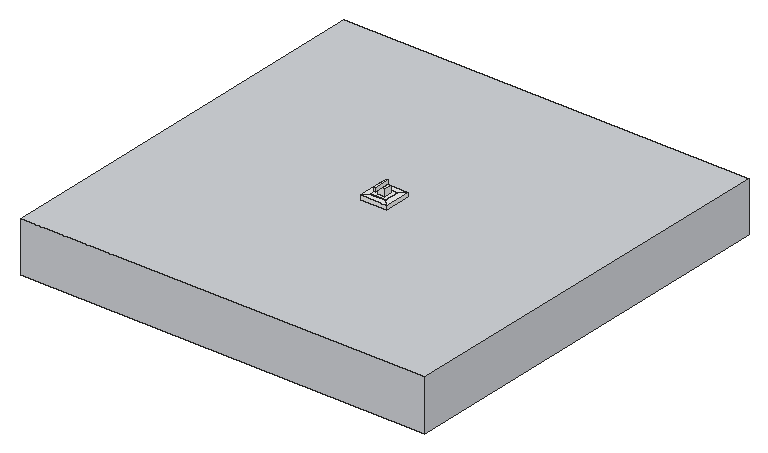
Revit family
Parameters (values of type "Chrome-Polished_Chrome-CP")
  Width = 0' - 6 1/4"
  WFU = 0
  URL = "http://www.us.kohler.com/onlinecatalog/detail.jsp?prod_num=T14671-4"
  Product Page URL = "n/a"
  Product Documentation Link = "n/a"
  Model = "K-T14671-4"  # constant formula
  Manufacturer = "Kohler"  # constant formula
  Length = 0' - 3 21/32"
  Hot Water Radius = 3/16"
  Hot Water Diameter = Hot Water Radius * 2  # 3/8"
  Hot Water Connector = "Hot Water Connection"  # constant formula
  Height = 0' - 6 1/4"
  HWFU = 0
  HW Connection = yes
  Finish = Chrome-Kohler-CP-Polished_Chrome
  Description = "Loure™ Rite-Temp® valve trim without diverter"  # constant formula
  Default Elevation = 0' - 0"
  Created By = "http://medialab3dstudio.com/"
  Cold Water Radius = 3/16"
  Cold Water Diameter = Cold Water Radius * 2  # 3/8"
  Cold Water Connector = "Cold Water Connection"  # constant formula
  CWFU = 0
  CW Connection = yes
  Assembly Code = "D2010"
  Actual Valve Water Flow = 0 GPM
Types (4): name | Finish
  (no name) | Chrome-Kohler-CP-Polished_Chrome
  Chrome-Polished_Chrome-CP | Chrome-Kohler-CP-Polished_Chrome
  Nickel-Vibrant_Brushed_Nickel-BN | Nickel-Kohler-BN-Vibrant_Brushed_Nickel
  Nickel-Vibrant_Polished_Nickel-SN | Nickel-Kohler-SN-Vibrant_Polished_Nickel
Reference planes (in)
  plane 1 "Center (Front/Back)": y = 0
  plane 2 "Back": z = 0
  plane 3 "Center (Left/Right)": x = 0
  plane 4 "Top": y = 3.125
  plane 5 "Bottom": y = -3.125
  plane 6 "Left": x = -3.125
  plane 7 "Right": x = 3.125
  plane 8: z = 1
  plane 9: z = 1.03125
  plane 10: x = -1.65625
  plane 11: x = 1.65625
  plane 12: y = -1.65625
  plane 13: y = 1.65625
  plane 14: y = 1.73437
  plane 15: x = -1.73437
  plane 16: y = -1.73438
  plane 17: x = 1.73438
  plane 18: z = 1.09375
  plane 19: y = 0.79687
  plane 20: y = -0.79688
  plane 21: x = 0.79688
  plane 22: x = -0.79687
  plane 23: z = 2.75
  plane 24: z = 2.78125
  plane 25: y = 0.79687
  plane 26: y = -2.73438
  plane 27: x = -0.21875
  plane 28: x = 0.21875
  plane 29 "Front": z = 3.65625
  plane 30: y = -1.25
  plane 31: z = 1.3125
  plane 32 "Pull Knob Center": y = -2.3125
  plane 33: x = 0.3125
  plane 34: x = -0.3125
  plane 35: z = 0.25
Forms (in)
  Extrusion 1, solid
    sketch origin (0, 0, 0) x (1, 0, 0) y (0, 1, 0)
      loop
        line (-48, 48) -> (-48, -48) -> (48, -48) -> (48, 48) -> (-48, 48)
    from 0 to -12
  Extrusion 2, solid, material "Chrome-Kohler-CP-Polished_Chrome" <- "Finish"
    sketch origin (0, 0, 0) x (1, 0, 0) y (0, 1, 0)
      loop
        line (-3.125, 3.125) -> (-3.125, -3.125) -> (3.125, -3.125) -> (3.125, 3.125) -> (-3.125, 3.125)
    from 0 to 1
  Extrusion 3, solid, material "Chrome-Kohler-CP-Polished_Chrome" <- "Finish"
    sketch origin (0, 0, 0) x (1, 0, 0) y (0, 1, 0)
      loop
        line (-1.73437, 1.73437) -> (-1.73437, -1.73438) -> (1.73438, -1.73438) -> (1.73438, 1.73437) -> (-1.73437, 1.73437)
    from 1 to 1.09375
  Extrusion 4, solid, material "Chrome-Kohler-CP-Polished_Chrome" <- "Finish"
    sketch origin (0, 0, 0) x (1, 0, 0) y (0, 1, 0)
      loop
        line (-0.79687, 0.79687) -> (-0.79687, -0.79688) -> (0.79688, -0.79688) -> (0.79688, 0.79687) -> (-0.79687, 0.79687)
    from 1.09375 to 2.75
  Blend 5, solid, material "Chrome-Kohler-CP-Polished_Chrome" <- "Finish"
    base sketch origin (0, 0, 0) x (1, 0, 0) y (0, 1, 0)
      loop
        line (-3.125, 3.125) -> (-3.125, -3.125) -> (3.125, -3.125) -> (3.125, 3.125) -> (-3.125, 3.125)
    top sketch origin (0, 0, 0) x (1, 0, 0) y (0, 1, 0)
      loop
        line (-1.65625, 1.65625) -> (-1.65625, -1.65625) -> (1.65625, -1.65625) -> (1.65625, 1.65625) -> (-1.65625, 1.65625)
    from 1 to 1.03125
  Extrusion 6, solid, material "Chrome-Kohler-CP-Polished_Chrome" <- "Finish"
    sketch origin (0, 0, 0) x (1, 0, 0) y (0, 1, 0)
      loop
        arc (-0.1875, 0) -> (-0.13258, -0.13258) -> (0, -0.1875) r 0.1875
        arc (0, -0.1875) -> (0.13258, -0.13258) -> (0.1875, 0) r 0.1875
        arc (0.1875, 0) -> (0.13258, 0.13258) -> (0, 0.1875) r 0.1875
        arc (0, 0.1875) -> (-0.13258, 0.13258) -> (-0.1875, 0) r 0.1875
    from 2.75 to 2.78125
  Extrusion 7, solid, material "Chrome-Kohler-CP-Polished_Chrome" <- "Finish"
    sketch origin (0, 0, 0) x (1, 0, 0) y (0, 1, 0)
      loop
        line (-0.21875, 0.79687) -> (-0.21875, -2.73438) -> (0.21875, -2.73438) -> (0.21875, 0.79687) -> (-0.21875, 0.79687)
    from 2.78125 to 3.65625
  Extrusion 8, void
    sketch origin (0, 0, 0) x (1, 0, 0) y (0, 1, 0)
      loop
        arc (0.125, 0) -> (0.17992, -0.13258) -> (0.3125, -0.1875) r 0.1875
        arc (0.3125, -0.1875) -> (0.44508, -0.13258) -> (0.5, 0) r 0.1875
        arc (0.5, 0) -> (0.44508, 0.13258) -> (0.3125, 0.1875) r 0.1875
        arc (0.3125, 0.1875) -> (0.17992, 0.13258) -> (0.125, 0) r 0.1875
      loop
        arc (-0.3125, 0.1875) -> (-0.44508, 0.13258) -> (-0.5, 0) r 0.1875
        arc (-0.5, 0) -> (-0.44508, -0.13258) -> (-0.3125, -0.1875) r 0.1875
        arc (-0.3125, -0.1875) -> (-0.17992, -0.13258) -> (-0.125, 0) r 0.1875
        arc (-0.125, 0) -> (-0.17992, 0.13258) -> (-0.3125, 0.1875) r 0.1875
    from 0 to 0.25
Cuts and joins
  Extrusion 8 cuts Extrusion 2
  joined: Extrusion 2, Extrusion 3, Extrusion 4, Blend 5, Extrusion 6, Extrusion 7
Lines and regions (in)
  Masking region 1
    outline origin (0, 0, 0) x (1, 0, 0) y (0, 1, 0)
      loop
        line (-3.125, 3.125) -> (-3.125, -3.125) -> (3.125, -3.125) -> (3.125, 3.125) -> (-3.125, 3.125)
  Masking region 2, detail levels coarse
    outline origin (0, 0, 0) x (1, 0, 0) y (0, 0, 1)
      loop
        line (-3.125, 3.65625) -> (-3.125, 0) -> (3.125, 0) -> (3.125, 3.65625) -> (-3.125, 3.65625)
  Masking region 3, detail levels coarse
    outline origin (0, 0, 0) x (0, 1, 0) y (0, 0, 1)
      loop
        line (3.125, 3.65625) -> (-3.125, 3.65625) -> (-3.125, 0) -> (3.125, 0) -> (3.125, 3.65625)
  Masking region 4, detail levels medium
    outline origin (0, 0, 0) x (1, 0, 0) y (0, 1, 0)
      loop
        line (1.73438, 1.73437) -> (-1.73437, 1.73437) -> (-1.73437, -1.73438) -> (0.21875, -1.73438) -> (1.73438, -1.73438) -> (1.73438, 1.73437)
  Masking region 5, detail levels medium+fine
    outline origin (0, 0, 0) x (1, 0, 0) y (0, 0, 1)
      loop
        line (-3.125, 0) -> (3.125, 0) -> (3.125, 1) -> (1.73438, 1.02959) -> (1.73438, 1.09375) -> (0.79688, 1.09375) -> (0.79688, 2.75) -> (0.1875, 2.75) -> (0.1875, 2.78125) -> (0.21875, 2.78125) -> (0.21875, 3.65625) -> (-0.21875, 3.65625) -> (-0.21875, 2.78125) -> (-0.1875, 2.78125) -> (-0.1875, 2.75) -> (-0.79687, 2.75) -> (-0.79687, 1.09375) -> (-1.73437, 1.09375) -> (-1.73437, 1.02959) -> (-3.125, 1) -> (-3.125, 0)
  Masking region 6, detail levels medium+fine
    outline origin (0, 0, 0) x (0, 1, 0) y (0, 0, 1)
      loop
        line (3.125, 0) -> (3.125, 1) -> (1.73437, 1.02959) -> (1.73437, 1.09375) -> (0.79687, 1.09375) -> (0.79687, 2.75) -> (0.1875, 2.75) -> (0.1875, 2.78125) -> (0.79687, 2.78125) -> (0.79687, 3.65625) -> (-2.73438, 3.65625) -> (-2.73438, 2.78125) -> (-0.1875, 2.78125) -> (-0.1875, 2.75) -> (-0.79688, 2.75) -> (-0.79688, 1.09375) -> (-1.1875, 1.09375) -> (-1.1875, 1.3125) -> (-1.3125, 1.3125) -> (-1.3125, 1.09375) -> (-1.73438, 1.09375) -> (-1.73438, 1.02959) -> (-2.03126, 1.02327) -> (-3.125, 1) -> (-3.125, 0) -> (3.125, 0)
  symbolic lines, style "Masking Lines", detail levels fine
    curve 1: line (-0.21875, 0.79687, 0) -> (-0.21875, -2.73438, 0)
    curve 2: line (0.21875, -2.73438, 0) -> (0.21875, 0.79687, 0)
    curve 3: line (-0.21875, -2.73438, 0) -> (0.21875, -2.73438, 0)
    curve 4: line (-0.79687, -0.79688, 0) -> (-0.21875, -0.79688, 0)
    curve 5: line (-0.79687, 0.79687, 0) -> (-0.79687, -0.79688, 0)
    curve 6: line (0.79688, 0.79687, 0) -> (-0.79687, 0.79687, 0)
    curve 7: line (0.79688, -0.79688, 0) -> (0.79688, 0.79687, 0)
    curve 8: line (0.21875, -0.79688, 0) -> (0.79688, -0.79688, 0)
    curve 9: line (3.125, -3.125, 0) -> (1.73438, -1.73438, 0)
    curve 10: line (1.73438, 1.73437, 0) -> (3.125, 3.125, 0)
    curve 11: line (-3.125, 3.125, 0) -> (-1.73437, 1.73437, 0)
    curve 12: line (-3.125, -3.125, 0) -> (-1.73437, -1.73438, 0)
    curve 13: line (-0.1875, 0, 2.78125) -> (0.1875, 0, 2.78125)
    curve 14: line (0.1875, 0, 2.75) -> (-0.1875, 0, 2.75)
    curve 15: line (-0.28124, 0, 1.09375) -> (-0.79687, 0, 1.09375)
    curve 16: line (0.79688, 0, 1.09375) -> (0.28124, 0, 1.09375)
    curve 17: line (-0.28124, 0, 1.02959) -> (-1.73437, 0, 1.02959)
    curve 18: line (3.125, 0, 1) -> (-3.125, 0, 1)
    curve 19: line (1.73438, 0, 1.02959) -> (0.28124, 0, 1.02959)
    curve 20: line (0.28124, 0, 1.02959) -> (-0.28124, 0, 1.02959)
    curve 21: line (0, -0.1875, 2.78125) -> (0, 0.1875, 2.78125)
    curve 22: line (0, 0.1875, 2.75) -> (0, -0.1875, 2.75)
    curve 23: line (0, 0.79687, 1.09375) -> (0, -0.79688, 1.09375)
    curve 24: line (0, -1.1875, 1.09375) -> (0, -1.3125, 1.09375)
    curve 25: line (0, -1.73438, 1.02959) -> (0, 1.73437, 1.02959)
    curve 26: line (0, -3.125, 1) -> (0, 3.125, 1)
    curve 27: line (0.28124, 0, 1.09375) -> (-0.28124, 0, 1.09375)
    curve 28: line (0.0625, -3.125, 1.3125) -> (-0.0625, -3.125, 1.3125)
    curve 29: line (0.0625, -3.125, 1.09375) -> (0.0625, -3.125, 1.3125)
    curve 30: line (-0.0625, -3.125, 1.09375) -> (-0.0625, -3.125, 1.3125)
    curve 31: line (-1.73437, -1.73438, 0) -> (-0.21875, -1.73438, 0)
    curve 32: line (-1.73437, 1.73437, 0) -> (-1.73437, -1.73438, 0)
    curve 33: line (1.73438, 1.73437, 0) -> (-1.73437, 1.73437, 0)
    curve 34: line (1.73438, -1.73438, 0) -> (1.73438, 1.73437, 0)
    curve 35: line (0.21875, -1.73438, 0) -> (1.73438, -1.73438, 0)
Dimensions and locks (in)
  plane 10 to plane 3 "Center (Left/Right)" to plane 11 = 0' - 1 21/32" locked, 0' - 1 21/32" locked
  plane 13 to plane 1 "Center (Front/Back)" to plane 12 = 0' - 1 21/32" locked, 0' - 1 21/32" locked
  plane 15 to plane 3 "Center (Left/Right)" to plane 17 = 0' - 1 47/64" locked, 0' - 1 47/64" locked
  plane 14 to plane 1 "Center (Front/Back)" to plane 16 = 0' - 1 47/64" locked, 0' - 1 47/64" locked
  plane 25 to plane 1 "Center (Front/Back)" to plane 26 = 0' - 0 51/64" locked, 0' - 2 47/64" locked
  plane 27 to plane 3 "Center (Left/Right)" to plane 28 = 0' - 0 7/32" locked, 0' - 0 7/32" locked
  equal spacing: plane 6 "Left", plane 3 "Center (Left/Right)", plane 7 "Right"
  "Width": plane 6 "Left" to plane 7 "Right"
  equal spacing: plane 4 "Top", plane 1 "Center (Front/Back)", plane 5 "Bottom"
  "Height": plane 4 "Top" to plane 5 "Bottom"
  "Length": plane 29 "Front" to plane 2 "Back"
  locked: plane 8 to plane 2 "Back" at 1
  locked: plane 9 to plane 2 "Back" at 1.03125
  locked: plane 18 to plane 2 "Back" at 1.09375
  locked: plane 31 to plane 2 "Back" at 1.3125
  locked: plane 23 to plane 2 "Back" at 2.75
  locked: plane 24 to plane 2 "Back" at 2.78125
  locked: plane 4 "Top" to plane 1 "Center (Front/Back)" at 3.125
  plane 1 "Center (Front/Back)" to plane 30 to plane 32 "Pull Knob Center" to plane 5 "Bottom" = 0' - 1 1/4", 0' - 1 1/16", 0' - 0 13/16"
  equal spacing: plane 34, plane 3 "Center (Left/Right)", plane 33, locked at 0.3125 each
  "Cold Water Radius": radius of Extrusion 8 sketch curve
  "Hot Water Radius": radius of Extrusion 8 sketch curve
  aligned and locked: plane 2 "Back" to Extrusion 1
  aligned and locked: level to Extrusion 1
  aligned and locked: Extrusion 2 sketch curve to plane 4 "Top"
  aligned and locked: Extrusion 2 sketch curve to plane 7 "Right"
  aligned and locked: plane 5 "Bottom" to Extrusion 2 sketch curve
  aligned and locked: Extrusion 2 sketch curve to plane 6 "Left"
  aligned and locked: plane 8 to Extrusion 2
  aligned and locked: Blend 5 sketch curve to plane 4 "Top"
  aligned and locked: Blend 5 sketch curve to plane 7 "Right"
  aligned and locked: plane 5 "Bottom" to Blend 5 sketch curve
  aligned and locked: Blend 5 sketch curve to plane 6 "Left"
  aligned and locked: Blend 5 sketch curve to plane 13
  aligned and locked: plane 11 to Blend 5 sketch curve
  aligned and locked: plane 12 to Blend 5 sketch curve
  aligned and locked: plane 10 to Blend 5 sketch curve
  aligned and locked: Blend 5 to plane 8
  aligned and locked: plane 9 to Blend 5
  aligned and locked: plane 14 to Extrusion 3 sketch curve
  aligned and locked: plane 15 to Extrusion 3 sketch curve
  aligned and locked: plane 16 to Extrusion 3 sketch curve
  aligned and locked: plane 17 to Extrusion 3 sketch curve
  aligned and locked: plane 18 to Extrusion 3
  aligned and locked: plane 19 to Extrusion 4 sketch curve
  aligned and locked: plane 20 to Extrusion 4 sketch curve
  aligned and locked: plane 21 to Extrusion 4 sketch curve
  aligned and locked: plane 22 to Extrusion 4 sketch curve
  aligned and locked: Extrusion 4 to plane 18
  aligned and locked: plane 23 to Extrusion 4
  aligned and locked: plane 3 "Center (Left/Right)" to Extrusion 6 sketch curve  (x2)
  aligned and locked: plane 1 "Center (Front/Back)" to Extrusion 6 sketch curve  (x2)
  aligned and locked: Extrusion 6 to plane 23
  aligned and locked: plane 24 to Extrusion 6
  aligned and locked: plane 25 to Extrusion 4
  aligned and locked: plane 25 to Extrusion 7 sketch curve
  aligned and locked: Extrusion 7 sketch curve to plane 28
  aligned and locked: plane 26 to Extrusion 7 sketch curve
  aligned and locked: plane 27 to Extrusion 7 sketch curve
  aligned and locked: Extrusion 7 to plane 24
  aligned and locked: plane 29 "Front" to Extrusion 7
  aligned and locked: Extrusion 3 to plane 8
  aligned and locked: Masking region 1 sketch curve to plane 4 "Top"
  aligned and locked: Masking region 1 sketch curve to plane 7 "Right"
  aligned and locked: plane 5 "Bottom" to Masking region 1 sketch curve
  aligned and locked: Masking region 1 sketch curve to plane 6 "Left"
  aligned and locked: Masking region 2 sketch curve to plane 29 "Front"
  aligned and locked: Masking region 2 sketch curve to plane 7 "Right"
  aligned and locked: plane 2 "Back" to Masking region 2 sketch curve
  aligned and locked: Masking region 2 sketch curve to plane 6 "Left"
  aligned and locked: Masking region 3 sketch curve to plane 29 "Front"
  aligned and locked: plane 5 "Bottom" to Masking region 3 sketch curve
  aligned and locked: plane 2 "Back" to Masking region 3 sketch curve
  aligned and locked: Masking region 3 sketch curve to plane 4 "Top"
  aligned and locked: Masking region 4 sketch curve to cut or joined group of Extrusion 2, Extrusion 3, Extrusion 4, Blend 5, Extrusion 6, Extrusion 7, Extrusion 8  (x4)
  aligned and locked: cut or joined group of Extrusion 2, Extrusion 3, Extrusion 4, Blend 5, Extrusion 6, Extrusion 7, Extrusion 8 to Masking region 4 sketch curve
  aligned and locked: Masking region 5 sketch curve to cut or joined group of Extrusion 2, Extrusion 3, Extrusion 4, Blend 5, Extrusion 6, Extrusion 7, Extrusion 8  (x15)
  aligned and locked: cut or joined group of Extrusion 2, Extrusion 3, Extrusion 4, Blend 5, Extrusion 6, Extrusion 7, Extrusion 8 to Masking region 5 sketch curve  (x3)
  aligned and locked: Masking region 6 sketch curve to cut or joined group of Extrusion 2, Extrusion 3, Extrusion 4, Blend 5, Extrusion 6, Extrusion 7, Extrusion 8  (x15)
  aligned and locked: cut or joined group of Extrusion 2, Extrusion 3, Extrusion 4, Blend 5, Extrusion 6, Extrusion 7, Extrusion 8 to Masking region 6 sketch curve  (x5)
  aligned and locked: curve 1 to cut or joined group of Extrusion 2, Extrusion 3, Extrusion 4, Blend 5, Extrusion 6, Extrusion 7, Extrusion 8
  aligned and locked: curve 2 to cut or joined group of Extrusion 2, Extrusion 3, Extrusion 4, Blend 5, Extrusion 6, Extrusion 7, Extrusion 8
  aligned and locked: curve 3 to cut or joined group of Extrusion 2, Extrusion 3, Extrusion 4, Blend 5, Extrusion 6, Extrusion 7, Extrusion 8
  aligned and locked: curve 4 to cut or joined group of Extrusion 2, Extrusion 3, Extrusion 4, Blend 5, Extrusion 6, Extrusion 7, Extrusion 8
  aligned and locked: curve 5 to cut or joined group of Extrusion 2, Extrusion 3, Extrusion 4, Blend 5, Extrusion 6, Extrusion 7, Extrusion 8
  aligned and locked: curve 6 to cut or joined group of Extrusion 2, Extrusion 3, Extrusion 4, Blend 5, Extrusion 6, Extrusion 7, Extrusion 8
  aligned and locked: curve 7 to cut or joined group of Extrusion 2, Extrusion 3, Extrusion 4, Blend 5, Extrusion 6, Extrusion 7, Extrusion 8
  aligned and locked: cut or joined group of Extrusion 2, Extrusion 3, Extrusion 4, Blend 5, Extrusion 6, Extrusion 7, Extrusion 8 to curve 8
  aligned and locked: curve 9 to cut or joined group of Extrusion 2, Extrusion 3, Extrusion 4, Blend 5, Extrusion 6, Extrusion 7, Extrusion 8
  aligned and locked: curve 10 to cut or joined group of Extrusion 2, Extrusion 3, Extrusion 4, Blend 5, Extrusion 6, Extrusion 7, Extrusion 8
  aligned and locked: curve 11 to cut or joined group of Extrusion 2, Extrusion 3, Extrusion 4, Blend 5, Extrusion 6, Extrusion 7, Extrusion 8
  aligned and locked: curve 12 to cut or joined group of Extrusion 2, Extrusion 3, Extrusion 4, Blend 5, Extrusion 6, Extrusion 7, Extrusion 8
  aligned and locked: cut or joined group of Extrusion 2, Extrusion 3, Extrusion 4, Blend 5, Extrusion 6, Extrusion 7, Extrusion 8 to curve 13
  aligned and locked: cut or joined group of Extrusion 2, Extrusion 3, Extrusion 4, Blend 5, Extrusion 6, Extrusion 7, Extrusion 8 to curve 14
  aligned and locked: cut or joined group of Extrusion 2, Extrusion 3, Extrusion 4, Blend 5, Extrusion 6, Extrusion 7, Extrusion 8 to curve 15
  aligned and locked: cut or joined group of Extrusion 2, Extrusion 3, Extrusion 4, Blend 5, Extrusion 6, Extrusion 7, Extrusion 8 to curve 16
  aligned and locked: cut or joined group of Extrusion 2, Extrusion 3, Extrusion 4, Blend 5, Extrusion 6, Extrusion 7, Extrusion 8 to curve 17
  aligned and locked: curve 18 to cut or joined group of Extrusion 2, Extrusion 3, Extrusion 4, Blend 5, Extrusion 6, Extrusion 7, Extrusion 8
  aligned and locked: curve 19 to cut or joined group of Extrusion 2, Extrusion 3, Extrusion 4, Blend 5, Extrusion 6, Extrusion 7, Extrusion 8
  aligned and locked: cut or joined group of Extrusion 2, Extrusion 3, Extrusion 4, Blend 5, Extrusion 6, Extrusion 7, Extrusion 8 to curve 20
  aligned and locked: cut or joined group of Extrusion 2, Extrusion 3, Extrusion 4, Blend 5, Extrusion 6, Extrusion 7, Extrusion 8 to curve 21
  aligned and locked: cut or joined group of Extrusion 2, Extrusion 3, Extrusion 4, Blend 5, Extrusion 6, Extrusion 7, Extrusion 8 to curve 22
  aligned and locked: cut or joined group of Extrusion 2, Extrusion 3, Extrusion 4, Blend 5, Extrusion 6, Extrusion 7, Extrusion 8 to curve 23
  aligned and locked: cut or joined group of Extrusion 2, Extrusion 3, Extrusion 4, Blend 5, Extrusion 6, Extrusion 7, Extrusion 8 to curve 24
  aligned and locked: curve 25 to cut or joined group of Extrusion 2, Extrusion 3, Extrusion 4, Blend 5, Extrusion 6, Extrusion 7, Extrusion 8
  aligned and locked: curve 26 to cut or joined group of Extrusion 2, Extrusion 3, Extrusion 4, Blend 5, Extrusion 6, Extrusion 7, Extrusion 8
  aligned and locked: cut or joined group of Extrusion 2, Extrusion 3, Extrusion 4, Blend 5, Extrusion 6, Extrusion 7, Extrusion 8 to curve 27
  aligned and locked: plane 33 to Extrusion 8 sketch curve  (x2)
  aligned and locked: plane 1 "Center (Front/Back)" to Extrusion 8 sketch curve  (x4)
  aligned and locked: plane 34 to Extrusion 8 sketch curve  (x2)
  aligned and locked: Extrusion 8 to plane 2 "Back"
  aligned and locked: plane 35 to Extrusion 8
  aligned and locked: curve 31 to cut or joined group of Extrusion 2, Extrusion 3, Extrusion 4, Blend 5, Extrusion 6, Extrusion 7, Extrusion 8
  aligned and locked: curve 32 to cut or joined group of Extrusion 2, Extrusion 3, Extrusion 4, Blend 5, Extrusion 6, Extrusion 7, Extrusion 8
  aligned and locked: curve 33 to cut or joined group of Extrusion 2, Extrusion 3, Extrusion 4, Blend 5, Extrusion 6, Extrusion 7, Extrusion 8
  aligned and locked: curve 34 to cut or joined group of Extrusion 2, Extrusion 3, Extrusion 4, Blend 5, Extrusion 6, Extrusion 7, Extrusion 8
Automatic sketch dimensions
  curve 26 to plane 5 "Bottom" = 0' - 0"
  curve 26 to plane 4 "Top" = 0' - 0"
  curve 25 to plane 30 = 0' - 0 31/64"
  curve 24 to plane 30 = 0' - 0 1/16"
  plane 30 to curve 24 = 0' - 0 1/16"
  curve 24 to curve 23 = 0' - 0 25/64"
  plane 1 "Center (Front/Back)" to curve 22 = 0' - 0 3/16"
  curve 21 to curve 22 = 0' - 0"  (x2)
  curve 22 to plane 1 "Center (Front/Back)" = 0' - 0 3/16"
  curve 23 to plane 1 "Center (Front/Back)" = 0' - 0 51/64"
  curve 23 to curve 25 = 0' - 0 15/16"
  plane 6 "Left" to curve 18 = 0' - 0"
  curve 18 to plane 7 "Right" = 0' - 0"
  curve 17 to plane 6 "Left" = 0' - 1 25/64"
  curve 15 to plane 3 "Center (Left/Right)" = 0' - 0 51/64"
  curve 15 to plane 3 "Center (Left/Right)" = 0' - 0 9/32"
  curve 15 to curve 17 = 0' - 0"
  curve 13 to plane 3 "Center (Left/Right)" = 0' - 0 3/16"
  curve 13 to curve 14 = 0' - 0"  (x2)
  plane 3 "Center (Left/Right)" to curve 13 = 0' - 0 3/16"
  plane 3 "Center (Left/Right)" to curve 16 = 0' - 0 9/32"
  curve 16 to curve 19 = 0' - 0"
  curve 16 to curve 16 = 0' - 0 33/64"
  curve 16 to curve 19 = 0' - 0 15/16"
  Extrusion 1 sketch curve to Extrusion 1 sketch curve = 8' - 0"  (x2)
  Extrusion 6 sketch curve to plane 3 "Center (Left/Right)" = 0' - 0 3/16"
  plane 3 "Center (Left/Right)" to Masking region 4 sketch curve = 0' - 0 7/32"
  Masking region 6 sketch curve to plane 9 = 0' - 0.00798"
  Masking region 6 sketch curve to plane 30 = 0' - 0 1/16"
  plane 30 to Masking region 6 sketch curve = 0' - 0 1/16"
  plane 1 "Center (Front/Back)" to Masking region 6 sketch curve = 0' - 0 3/16"
  Masking region 6 sketch curve to plane 1 "Center (Front/Back)" = 0' - 0 3/16"
  curve 12 to plane 5 "Bottom" = 0' - 0"
  curve 11 to plane 4 "Top" = 0' - 0"
  curve 9 to plane 5 "Bottom" = 0' - 0"
  curve 10 to plane 4 "Top" = 0' - 0"
  Masking region 5 sketch curve to Masking region 5 sketch curve = 0' - 0 1/32"  (x2)
  curve 29 to plane 18 = 0' - 0"
  curve 30 to plane 18 = 0' - 0"
  Masking region 6 sketch curve to plane 31 = 0' - 0"
  curve 29 to plane 31 = 0' - 0"
  plane 3 "Center (Left/Right)" to curve 29 = 0' - 0 1/16"
  curve 30 to plane 3 "Center (Left/Right)" = 0' - 0 1/16"
Connectors (in)
  piping at (0.3125, 0, 0), driven by "Actual Valve Water Flow", driven by "Cold Water Radius", driven by "CW Connection", driven by "Cold Water Connector", driven by "CWFU"
    settings: on cut or joined group of Extrusion 2, Extrusion 3, Extrusion 4, Blend 5, Extrusion 6, Extrusion 7, Extrusion 8, index 1, connector radius 3/16", flow factor 0, pipe flow 0 GPM, pressure drop 0.00 psi, fitting loss kfactor 0, connector angle 0.00°, fixture units 0, flow configuration 3, flow direction 1, fitting loss method 0, system type 20, connector reference index -1, connector utility 1, adjustable connector no, is connector primary yes, fitting loss table "", connector description "Cold Water Connection"
  piping at (-0.3125, 0, 0), driven by "Actual Valve Water Flow", driven by "Hot Water Radius", driven by "HW Connection", driven by "Hot Water Connector", driven by "HWFU"
    settings: on cut or joined group of Extrusion 2, Extrusion 3, Extrusion 4, Blend 5, Extrusion 6, Extrusion 7, Extrusion 8, index 2, connector radius 3/16", flow factor 0, pipe flow 0 GPM, pressure drop 0.00 psi, fitting loss kfactor 0, connector angle 0.00°, fixture units 0, flow configuration 3, flow direction 1, fitting loss method 0, system type 19, connector reference index -1, connector utility 1, adjustable connector no, is connector primary no, fitting loss table "", connector description "Hot Water Connection"
